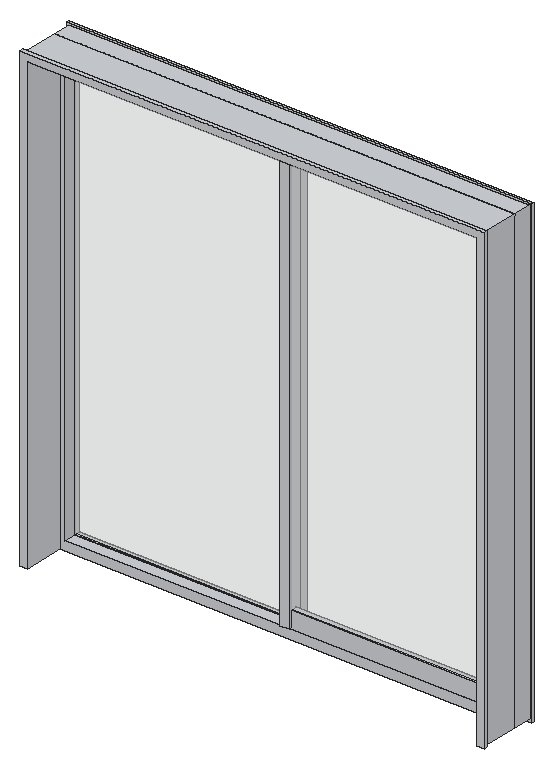
Revit family "APL Residential Thermal Heart Sliding Door SF", category Doors, host Wall, Revit 2017 (continued)
Definition of nested family "APL Residential Thermal Heart Sliding Door SF Horizontal Section"
  Definition of nested family "Jamb Fixed"
    Definition of nested family "65400_Jamb Fixed"
      Lines and regions (mm)
        detail lines, in view "Ref. Level"
          curve 336: arc (81.795, 29.078, 0) -> (81.735, 28.992, 0) -> (81.708, 28.892, 0) r 0.3
          curve 337: arc (81.501, 26.526, 0) -> (81.617, 26.262, 0) -> (81.903, 26.218, 0) r 0.3
          curve 338: arc (83.313, 26.732, 0) -> (83.439, 26.819, 0) -> (83.505, 26.957, 0) r 0.3
          curve 339: arc (83.505, 26.957, 0) -> (83.778, 27.199, 0) -> (84.083, 27, 0) r 0.3
          curve 340: arc (86.7, 27, 0) -> (86.841, 27.059, 0) -> (86.9, 27.2, 0) r 0.2
          curve 341: arc (86.9, 30.3, 0) -> (86.959, 30.441, 0) -> (87.1, 30.5, 0) r 0.2
          curve 342: arc (89.2, 30.5, 0) -> (89.341, 30.441, 0) -> (89.4, 30.3, 0) r 0.2
          curve 343: arc (89.4, 29.2, 0) -> (89.459, 29.059, 0) -> (89.6, 29, 0) r 0.2
          curve 344: arc (101.9, 29, 0) -> (102.042, 29.059, 0) -> (102.1, 29.2, 0) r 0.2
          curve 345: arc (102.1, 30.1, 0) -> (102.159, 30.241, 0) -> (102.3, 30.3, 0) r 0.2
          curve 346: arc (109.1, 30.3, 0) -> (109.454, 30.154, 0) -> (109.6, 29.8, 0) r 0.5
          curve 347: arc (109.6, 28.5, 0) -> (109.541, 28.359, 0) -> (109.4, 28.3, 0) r 0.2
          curve 348: arc (107.3, 28.3, 0) -> (107.159, 28.241, 0) -> (107.1, 28.1, 0) r 0.2
          curve 349: arc (107.1, 27.2, 0) -> (107.159, 27.059, 0) -> (107.3, 27, 0) r 0.2
          curve 350: arc (109.5, 27, 0) -> (109.854, 26.854, 0) -> (110, 26.5, 0) r 0.5
          curve 351: arc (110, 20.2, 0) -> (110.146, 19.846, 0) -> (110.5, 19.7, 0) r 0.5
          curve 352: arc (111.3, 19.7, 0) -> (111.441, 19.759, 0) -> (111.5, 19.9, 0) r 0.2
          curve 353: arc (113.3, 20.7, 0) -> (113.441, 20.641, 0) -> (113.5, 20.5, 0) r 0.2
          curve 354: arc (113.5, 15.6, 0) -> (113.1, 15.2, 0) -> (113.5, 14.8, 0) r 0.4
          curve 355: arc (113.5, 9.9, 0) -> (113.441, 9.759, 0) -> (113.3, 9.7, 0) r 0.2
          curve 356: arc (111.5, 10.3, 0) -> (111.383, 10.583, 0) -> (111.1, 10.7, 0) r 0.4
          curve 357: arc (111, 10.7, 0) -> (110.646, 10.553, 0) -> (110.5, 10.2, 0) r 0.5
          curve 358: arc (110.5, 7.65, 0) -> (111, 7.15, 0) -> (111.5, 7.65, 0) r 0.5
          curve 359: arc (111.5, 8.5, 0) -> (111.559, 8.641, 0) -> (111.7, 8.7, 0) r 0.2
          curve 360: arc (113.3, 8.7, 0) -> (113.441, 8.641, 0) -> (113.5, 8.5, 0) r 0.2
          curve 361: line (113.3, 6.95, 0) -> (113.3, 2.75, 0)
          curve 362: line (113.5, 2.404, 0) -> (113.5, 1.2, 0)
          curve 363: line (113.3, 1, 0) -> (111.701, 1, 0)
          curve 364: line (111.5, 1.2, 0) -> (111.5, 2.05, 0)
          curve 365: line (110.5, 2.05, 0) -> (110.5, 0.5, 0)
          curve 366: line (111, 0, 0) -> (114.5, 0, 0)
          curve 367: line (115, 0.5, 0) -> (115, 21.5, 0)
          curve 368: line (114.5, 22, 0) -> (111.7, 22, 0)
          curve 369: line (111.5, 22.2, 0) -> (111.5, 29.801, 0)
          curve 370: line (109.293, 35.9, 0) -> (109.5, 35.9, 0)
          curve 371: line (111.5, 37.9, 0) -> (111.5, 41.5, 0)
          curve 372: line (111.5, 41.5, 0) -> (120.75, 41.5, 0)
          curve 373: line (120.745, 43, 0) -> (119, 43, 0)
          curve 374: line (119, 43, 0) -> (118.6, 42.6, 0)
          curve 375: line (118.6, 42.6, 0) -> (112.3, 42.6, 0)
          curve 376: line (112.3, 42.6, 0) -> (111.9, 43, 0)
          curve 377: line (111.9, 43, 0) -> (111.5, 43, 0)
          curve 378: line (110, 41.5, 0) -> (110, 38, 0)
          curve 379: line (109.8, 37.8, 0) -> (100.5, 37.8, 0)
          curve 380: line (100, 37.3, 0) -> (100, 36.8, 0)
          curve 381: line (100.5, 36.3, 0) -> (101.927, 36.3, 0)
          curve 382: line (100.048, 30.9, 0) -> (91.556, 30.9, 0)
          curve 383: line (89.2, 32.4, 0) -> (87.9, 32.4, 0)
          curve 384: line (86.9, 33.4, 0) -> (86.9, 42.5, 0)
          curve 385: line (86.4, 43, 0) -> (84.083, 43, 0)
          curve 386: line (83.313, 43.268, 0) -> (81.903, 43.782, 0)
          curve 387: line (81.501, 43.474, 0) -> (81.708, 41.108, 0)
          curve 388: line (81.795, 40.922, 0) -> (82.159, 40.559, 0)
          curve 389: line (82.493, 40.648, 0) -> (82.538, 40.816, 0)
          curve 390: line (82.679, 40.957, 0) -> (84.812, 41.528, 0)
          curve 391: line (85, 40.753, 0) -> (85, 37.525, 0)
          curve 392: line (85, 37.5, 0) -> (85.194, 36.75, 0)
          curve 393: line (85, 36.5, 0) -> (84.479, 36.5, 0)
          curve 394: line (84.323, 36.544, 0) -> (83.069, 37.309, 0)
          curve 395: line (82.5, 37.45, 0) -> (82.5, 35.874, 0)
          curve 396: line (82.5, 34.126, 0) -> (82.5, 32.55, 0)
          curve 397: line (83.069, 32.691, 0) -> (84.323, 33.456, 0)
          curve 398: line (84.479, 33.5, 0) -> (85, 33.5, 0)
          curve 399: line (85.194, 33.25, 0) -> (85, 32.5, 0)
          curve 400: line (85, 32.475, 0) -> (85, 29.248, 0)
          curve 401: line (84.812, 28.472, 0) -> (82.679, 29.043, 0)
          curve 402: line (82.538, 29.184, 0) -> (82.493, 29.352, 0)
          curve 403: line (82.159, 29.441, 0) -> (81.795, 29.078, 0)
          curve 404: line (81.708, 28.892, 0) -> (81.501, 26.526, 0)
          curve 405: line (81.903, 26.218, 0) -> (83.313, 26.732, 0)
          curve 406: line (84.083, 27, 0) -> (86.7, 27, 0)
          curve 407: line (86.9, 27.2, 0) -> (86.9, 30.3, 0)
          curve 408: line (87.1, 30.5, 0) -> (89.2, 30.5, 0)
          curve 409: line (89.4, 30.3, 0) -> (89.4, 29.2, 0)
          curve 410: line (89.6, 29, 0) -> (95.4, 29, 0)
          curve 411: line (95.4, 29, 0) -> (95.8, 29.4, 0)
          curve 412: line (95.8, 29.4, 0) -> (96.2, 29, 0)
          curve 413: line (96.2, 29, 0) -> (101.9, 29, 0)
          curve 414: line (102.1, 29.2, 0) -> (102.1, 30.1, 0)
          curve 415: line (102.3, 30.3, 0) -> (109.1, 30.3, 0)
          curve 416: line (109.6, 29.8, 0) -> (109.6, 28.5, 0)
          curve 417: line (109.4, 28.3, 0) -> (107.3, 28.3, 0)
          curve 418: line (107.1, 28.1, 0) -> (107.1, 27.2, 0)
          curve 419: line (107.3, 27, 0) -> (109.5, 27, 0)
          curve 420: line (110, 26.5, 0) -> (110, 20.2, 0)
          curve 421: line (110.5, 19.7, 0) -> (111.3, 19.7, 0)
          curve 422: line (111.5, 19.9, 0) -> (111.5, 20.7, 0)
          curve 423: line (111.5, 20.7, 0) -> (113.3, 20.7, 0)
          curve 424: line (113.5, 20.5, 0) -> (113.5, 15.6, 0)
          curve 425: line (113.5, 14.8, 0) -> (113.5, 9.9, 0)
          curve 426: line (113.3, 9.7, 0) -> (111.5, 9.7, 0)
          curve 427: line (111.5, 9.7, 0) -> (111.5, 10.3, 0)
          curve 428: line (110.5, 10.2, 0) -> (110.5, 7.65, 0)
          curve 429: line (111.5, 7.65, 0) -> (111.5, 8.5, 0)
          curve 430: line (111.7, 8.7, 0) -> (113.3, 8.7, 0)
          curve 431: line (113.5, 8.5, 0) -> (113.5, 7.296, 0)
          curve 432: arc (113.5, 7.296, 0) -> (113.473, 7.196, 0) -> (113.4, 7.123, 0) r 0.2
          curve 433: arc (12.7, 24.6, 0) -> (12.817, 24.883, 0) -> (13.1, 25, 0) r 0.4
          curve 434: arc (13.393, 25, 0) -> (13.496, 24.986, 0) -> (13.593, 24.946, 0) r 0.4
          curve 435: arc (15.121, 24.062, 0) -> (15.411, 23.941, 0) -> (15.722, 23.9, 0) r 1.2
          curve 436: arc (16.645, 23.9, 0) -> (17.218, 23.719, 0) -> (17.584, 23.242, 0) r 1
          curve 437: arc (18.377, 21.063, 0) -> (18.524, 20.872, 0) -> (18.753, 20.8, 0) r 0.4
          curve 438: arc (21.447, 20.8, 0) -> (21.676, 20.872, 0) -> (21.823, 21.063, 0) r 0.4
          curve 439: arc (22.616, 23.242, 0) -> (22.982, 23.719, 0) -> (23.555, 23.9, 0) r 1
          curve 440: arc (24.478, 23.9, 0) -> (24.789, 23.941, 0) -> (25.079, 24.062, 0) r 1.2
          curve 441: arc (26.607, 24.946, 0) -> (26.704, 24.986, 0) -> (26.807, 25, 0) r 0.4
          curve 442: arc (27.1, 25, 0) -> (27.383, 24.883, 0) -> (27.5, 24.6, 0) r 0.4
          curve 443: arc (27.5, 21.2, 0) -> (27.383, 20.917, 0) -> (27.1, 20.8, 0) r 0.4
          curve 444: arc (26.807, 20.8, 0) -> (26.704, 20.814, 0) -> (26.607, 20.854, 0) r 0.4
          curve 445: arc (25.079, 21.739, 0) -> (24.785, 21.86, 0) -> (24.47, 21.9, 0) r 1.2
          curve 446: arc (24.47, 21.9, 0) -> (24.295, 21.847, 0) -> (24.184, 21.703, 0) r 0.3
          curve 447: arc (23.296, 19.263, 0) -> (23.149, 19.072, 0) -> (22.92, 19, 0) r 0.4
          curve 448: arc (17.28, 19, 0) -> (17.051, 19.072, 0) -> (16.904, 19.263, 0) r 0.4
          curve 449: arc (16.016, 21.703, 0) -> (15.905, 21.847, 0) -> (15.73, 21.9, 0) r 0.3
          curve 450: arc (15.73, 21.9, 0) -> (15.415, 21.86, 0) -> (15.121, 21.739, 0) r 1.2
          curve 451: arc (13.593, 20.854, 0) -> (13.496, 20.814, 0) -> (13.393, 20.8, 0) r 0.4
          curve 452: arc (13.1, 20.8, 0) -> (12.817, 20.917, 0) -> (12.7, 21.2, 0) r 0.4
          curve 453: line (13.1, 25, 0) -> (13.393, 25, 0)
          curve 454: line (13.593, 24.946, 0) -> (15.121, 24.062, 0)
          curve 455: line (15.722, 23.9, 0) -> (16.645, 23.9, 0)
          curve 456: line (17.584, 23.242, 0) -> (18.377, 21.063, 0)
          curve 457: line (18.753, 20.8, 0) -> (21.447, 20.8, 0)
          curve 458: line (21.823, 21.063, 0) -> (22.616, 23.242, 0)
          curve 459: line (23.555, 23.9, 0) -> (24.478, 23.9, 0)
          curve 460: line (25.079, 24.062, 0) -> (26.607, 24.946, 0)
          curve 461: line (26.807, 25, 0) -> (27.1, 25, 0)
          curve 462: line (27.5, 24.6, 0) -> (27.5, 21.2, 0)
          curve 463: line (27.1, 20.8, 0) -> (26.807, 20.8, 0)
          curve 464: line (26.607, 20.854, 0) -> (25.079, 21.739, 0)
          curve 465: line (24.184, 21.703, 0) -> (23.296, 19.263, 0)
          curve 466: line (22.92, 19, 0) -> (17.28, 19, 0)
          curve 467: line (16.904, 19.263, 0) -> (16.016, 21.703, 0)
          curve 468: line (15.121, 21.739, 0) -> (13.593, 20.854, 0)
          curve 469: line (13.393, 20.8, 0) -> (13.1, 20.8, 0)
          curve 470: line (12.7, 21.2, 0) -> (12.7, 24.6, 0)
          curve 471: arc (12.7, 40.8, 0) -> (12.817, 41.083, 0) -> (13.1, 41.2, 0) r 0.4
          curve 472: arc (13.393, 41.2, 0) -> (13.496, 41.186, 0) -> (13.593, 41.146, 0) r 0.4
          curve 473: arc (15.121, 40.262, 0) -> (15.411, 40.141, 0) -> (15.722, 40.1, 0) r 1.2
          curve 474: arc (16.645, 40.1, 0) -> (17.218, 39.919, 0) -> (17.584, 39.442, 0) r 1
          curve 475: arc (18.377, 37.263, 0) -> (18.524, 37.072, 0) -> (18.753, 37, 0) r 0.4
          curve 476: arc (21.447, 37, 0) -> (21.676, 37.072, 0) -> (21.823, 37.263, 0) r 0.4
          curve 477: arc (22.616, 39.442, 0) -> (22.982, 39.919, 0) -> (23.555, 40.1, 0) r 1
          curve 478: arc (24.478, 40.1, 0) -> (24.789, 40.141, 0) -> (25.079, 40.262, 0) r 1.2
          curve 479: arc (26.607, 41.146, 0) -> (26.704, 41.186, 0) -> (26.807, 41.2, 0) r 0.4
          curve 480: arc (27.1, 41.2, 0) -> (27.383, 41.083, 0) -> (27.5, 40.8, 0) r 0.4
          curve 481: arc (27.5, 37.4, 0) -> (27.383, 37.117, 0) -> (27.1, 37, 0) r 0.4
          curve 482: arc (26.807, 37, 0) -> (26.704, 37.014, 0) -> (26.607, 37.054, 0) r 0.4
          curve 483: arc (25.079, 37.939, 0) -> (24.785, 38.06, 0) -> (24.47, 38.1, 0) r 1.2
          curve 484: arc (24.47, 38.1, 0) -> (24.295, 38.047, 0) -> (24.184, 37.903, 0) r 0.3
          curve 485: arc (23.296, 35.463, 0) -> (23.149, 35.272, 0) -> (22.92, 35.2, 0) r 0.4
          curve 486: arc (17.28, 35.2, 0) -> (17.051, 35.272, 0) -> (16.904, 35.463, 0) r 0.4
          curve 487: arc (16.016, 37.903, 0) -> (15.905, 38.047, 0) -> (15.73, 38.1, 0) r 0.3
          curve 488: arc (15.73, 38.1, 0) -> (15.415, 38.06, 0) -> (15.121, 37.939, 0) r 1.2
          curve 489: arc (13.593, 37.054, 0) -> (13.496, 37.014, 0) -> (13.393, 37, 0) r 0.4
          curve 490: arc (13.1, 37, 0) -> (12.817, 37.117, 0) -> (12.7, 37.4, 0) r 0.4
          curve 491: line (13.1, 41.2, 0) -> (13.393, 41.2, 0)
          curve 492: line (13.593, 41.146, 0) -> (15.121, 40.262, 0)
          curve 493: line (15.722, 40.1, 0) -> (16.645, 40.1, 0)
          curve 494: line (17.584, 39.442, 0) -> (18.377, 37.263, 0)
          curve 495: line (18.753, 37, 0) -> (21.447, 37, 0)
          curve 496: line (21.823, 37.263, 0) -> (22.616, 39.442, 0)
          curve 497: line (23.555, 40.1, 0) -> (24.478, 40.1, 0)
          curve 498: line (25.079, 40.262, 0) -> (26.607, 41.146, 0)
          curve 499: line (26.807, 41.2, 0) -> (27.1, 41.2, 0)
          curve 500: line (27.5, 40.8, 0) -> (27.5, 37.4, 0)
          curve 501: line (27.1, 37, 0) -> (26.807, 37, 0)
          curve 502: line (26.607, 37.054, 0) -> (25.079, 37.939, 0)
          curve 503: line (24.184, 37.903, 0) -> (23.296, 35.463, 0)
          curve 504: line (22.92, 35.2, 0) -> (17.28, 35.2, 0)
          curve 505: line (16.904, 35.463, 0) -> (16.016, 37.903, 0)
          curve 506: line (15.121, 37.939, 0) -> (13.593, 37.054, 0)
          curve 507: line (13.393, 37, 0) -> (13.1, 37, 0)
          curve 508: line (12.7, 37.4, 0) -> (12.7, 40.8, 0)
          curve 509: arc (10.8, 36.502, 0) -> (11.356, 35.157, 0) -> (12.7, 34.6, 0) r 1.9
          curve 510: arc (13.1, 34.6, 0) -> (13.241, 34.541, 0) -> (13.3, 34.4, 0) r 0.2
          curve 511: arc (13.3, 27.6, 0) -> (13.241, 27.459, 0) -> (13.1, 27.4, 0) r 0.2
          curve 512: arc (11, 27.4, 0) -> (10.859, 27.341, 0) -> (10.8, 27.2, 0) r 0.2
          curve 513: arc (10.8, 26.717, 0) -> (10.741, 26.575, 0) -> (10.6, 26.517, 0) r 0.2
          curve 514: arc (1.9, 26.517, 0) -> (1.546, 26.663, 0) -> (1.4, 27.017, 0) r 0.5
          curve 515: arc (1.4, 40.755, 0) -> (1.521, 41.369, 0) -> (1.869, 41.889, 0) r 1.6
          curve 516: arc (6.387, 46.407, 0) -> (6.711, 46.624, 0) -> (7.094, 46.7, 0) r 1
          curve 517: arc (9.8, 46.7, 0) -> (10.507, 46.407, 0) -> (10.8, 45.7, 0) r 1
          curve 518: arc (1.665, 19.379, 0) -> (1.729, 19.478, 0) -> (1.725, 19.597, 0) r 0.2
          curve 519: arc (1.725, 19.597, 0) -> (1.621, 19.766, 0) -> (1.453, 19.873, 0) r 0.45
          curve 520: arc (1.453, 19.873, 0) -> (1.357, 19.948, 0) -> (1.322, 20.064, 0) r 0.2
          curve 521: arc (1.379, 24.919, 0) -> (1.438, 25.059, 0) -> (1.579, 25.117, 0) r 0.2
          curve 522: arc (10.6, 25.117, 0) -> (10.741, 25.058, 0) -> (10.8, 24.917, 0) r 0.2
          curve 523: arc (10.8, 20.828, 0) -> (10.773, 20.728, 0) -> (10.7, 20.655, 0) r 0.2
          curve 524: arc (9.6, 20.02, 0) -> (9.38, 19.8, 0) -> (9.3, 19.5, 0) r 0.6
          curve 525: arc (9.3, 19.2, 0) -> (9.359, 19.059, 0) -> (9.5, 19, 0) r 0.2
          curve 526: arc (13.617, 19, 0) -> (13.922, 19.199, 0) -> (14.195, 18.957, 0) r 0.3
          curve 527: arc (14.195, 18.957, 0) -> (14.261, 18.819, 0) -> (14.387, 18.732, 0) r 0.3
          curve 528: arc (15.797, 18.218, 0) -> (16.083, 18.262, 0) -> (16.199, 18.526, 0) r 0.3
          curve 529: arc (15.992, 20.892, 0) -> (15.965, 20.992, 0) -> (15.905, 21.078, 0) r 0.3
          curve 530: arc (15.541, 21.441, 0) -> (15.348, 21.493, 0) -> (15.207, 21.352, 0) r 0.2
          curve 531: arc (15.162, 21.184, 0) -> (15.11, 21.095, 0) -> (15.021, 21.043, 0) r 0.2
          curve 532: arc (12.878, 20.51, 0) -> (12.536, 20.657, 0) -> (12.6, 21.024, 0) r 0.3
          curve 533: arc (12.6, 21.024, 0) -> (12.674, 21.125, 0) -> (12.7, 21.247, 0) r 0.3
          curve 534: arc (12.506, 25.25, 0) -> (12.542, 25.422, 0) -> (12.7, 25.5, 0) r 0.2
          curve 535: arc (13.221, 25.5, 0) -> (13.302, 25.489, 0) -> (13.377, 25.456, 0) r 0.3
          curve 536: arc (14.631, 24.691, 0) -> (14.637, 24.498, 0) -> (14.78, 24.367, 0) r 0.25
          curve 537: arc (14.78, 24.367, 0) -> (15.05, 24.321, 0) -> (15.2, 24.55, 0) r 0.25
          curve 538: arc (15.2, 34.401, 0) -> (15.259, 34.542, 0) -> (15.4, 34.6, 0) r 0.2
          curve 539: arc (16.479, 34.6, 0) -> (16.643, 34.685, 0) -> (16.667, 34.868, 0) r 0.2
          curve 540: arc (15.775, 37.318, 0) -> (15.702, 37.414, 0) -> (15.587, 37.45, 0) r 0.2
          curve 541: arc (15.353, 37.45, 0) -> (15.248, 37.48, 0) -> (15.174, 37.561, 0) r 0.2
          curve 542: arc (15.174, 37.561, 0) -> (14.995, 37.696, 0) -> (14.78, 37.633, 0) r 0.25
          curve 543: arc (14.78, 37.633, 0) -> (14.637, 37.502, 0) -> (14.631, 37.309, 0) r 0.25
          curve 544: arc (13.377, 36.544, 0) -> (13.302, 36.511, 0) -> (13.221, 36.5, 0) r 0.3
          curve 545: arc (12.7, 36.5, 0) -> (12.542, 36.578, 0) -> (12.506, 36.75, 0) r 0.2
          curve 546: arc (12.7, 40.753, 0) -> (12.674, 40.875, 0) -> (12.6, 40.976, 0) r 0.3
          curve 547: arc (12.6, 40.976, 0) -> (12.536, 41.343, 0) -> (12.878, 41.49, 0) r 0.3
          curve 548: arc (15.021, 40.957, 0) -> (15.11, 40.905, 0) -> (15.162, 40.816, 0) r 0.2
          curve 549: arc (15.207, 40.648, 0) -> (15.348, 40.507, 0) -> (15.541, 40.559, 0) r 0.2
          curve 550: arc (15.905, 40.922, 0) -> (15.965, 41.008, 0) -> (15.992, 41.108, 0) r 0.3
          curve 551: arc (16.199, 43.474, 0) -> (16.083, 43.738, 0) -> (15.797, 43.782, 0) r 0.3
          curve 552: arc (14.387, 43.268, 0) -> (14.261, 43.181, 0) -> (14.195, 43.043, 0) r 0.3
          curve 553: arc (14.195, 43.043, 0) -> (13.922, 42.801, 0) -> (13.617, 43, 0) r 0.3
          curve 554: arc (12.6, 43, 0) -> (12.459, 43.059, 0) -> (12.4, 43.2, 0) r 0.2
          curve 555: arc (12.4, 45.696, 0) -> (11.64, 47.537, 0) -> (9.8, 48.3, 0) r 2.6
          curve 556: arc (7.9, 48.3, 0) -> (7.547, 48.446, 0) -> (7.4, 48.8, 0) r 0.5
          curve 557: arc (7.4, 56.402, 0) -> (7.508, 56.581, 0) -> (7.716, 56.566, 0) r 0.2
          curve 558: arc (7.716, 56.566, 0) -> (8.721, 56.692, 0) -> (8.684, 57.705, 0) r 0.75
          curve 559: arc (8.684, 57.705, 0) -> (8.15, 59.005, 0) -> (8.684, 60.305, 0) r 1.85
          curve 560: arc (8.684, 60.305, 0) -> (8.794, 60.447, 0) -> (8.867, 60.612, 0) r 0.75
          curve 561: arc (8.867, 60.612, 0) -> (8.97, 60.796, 0) -> (9.14, 60.921, 0) r 0.5
          curve 562: arc (9.14, 60.921, 0) -> (10, 61.105, 0) -> (10.86, 60.921, 0) r 2.1
          curve 563: arc (10.86, 60.921, 0) -> (11.03, 60.796, 0) -> (11.133, 60.612, 0) r 0.5
          curve 564: arc (11.133, 60.612, 0) -> (11.206, 60.447, 0) -> (11.316, 60.305, 0) r 0.75
          curve 565: arc (11.316, 60.305, 0) -> (11.85, 59.005, 0) -> (11.316, 57.705, 0) r 1.85
          curve 566: arc (11.316, 57.705, 0) -> (11.323, 56.644, 0) -> (12.384, 56.651, 0) r 0.75
          curve 567: arc (12.384, 56.651, 0) -> (13.348, 58.881, 0) -> (12.551, 61.176, 0) r 3.35
          curve 568: arc (12.551, 61.176, 0) -> (12.478, 61.71, 0) -> (12.932, 62, 0) r 0.5
          curve 569: arc (13.15, 62, 0) -> (13.291, 62.059, 0) -> (13.35, 62.2, 0) r 0.2
          curve 570: arc (13.35, 62.5, 0) -> (13.204, 62.854, 0) -> (12.85, 63, 0) r 0.5
          curve 571: arc (7, 63, 0) -> (6.293, 62.707, 0) -> (6, 62, 0) r 1
          curve 572: arc (6, 49.243, 0) -> (5.772, 48.095, 0) -> (5.121, 47.121, 0) r 3
          curve 573: arc (0.879, 42.879, 0) -> (0.228, 41.905, 0) -> (0, 40.757, 0) r 3
          curve 574: arc (0, 19.2, 0) -> (0.059, 19.059, 0) -> (0.2, 19, 0) r 0.2
          curve 575: line (10.8, 45.7, 0) -> (10.8, 36.502, 0)
          curve 576: line (12.7, 34.6, 0) -> (13.1, 34.6, 0)
          curve 577: line (13.3, 34.4, 0) -> (13.3, 27.6, 0)
          curve 578: line (13.1, 27.4, 0) -> (11, 27.4, 0)
          curve 579: line (10.8, 27.2, 0) -> (10.8, 26.717, 0)
          curve 580: line (10.6, 26.517, 0) -> (1.9, 26.517, 0)
          curve 581: line (1.4, 27.017, 0) -> (1.4, 40.755, 0)
          curve 582: line (1.869, 41.889, 0) -> (6.387, 46.407, 0)
          curve 583: line (7.094, 46.7, 0) -> (9.8, 46.7, 0)
          curve 584: line (1.322, 20.064, 0) -> (1.379, 24.919, 0)
          curve 585: line (1.579, 25.117, 0) -> (10.6, 25.117, 0)
          curve 586: line (10.8, 24.917, 0) -> (10.8, 20.828, 0)
          curve 587: line (10.7, 20.655, 0) -> (9.6, 20.02, 0)
          curve 588: line (9.3, 19.5, 0) -> (9.3, 19.2, 0)
          curve 589: line (9.5, 19, 0) -> (13.617, 19, 0)
          curve 590: line (14.387, 18.732, 0) -> (15.797, 18.218, 0)
          curve 591: line (16.199, 18.526, 0) -> (15.992, 20.892, 0)
          curve 592: line (15.905, 21.078, 0) -> (15.541, 21.441, 0)
          curve 593: line (15.207, 21.352, 0) -> (15.162, 21.184, 0)
          curve 594: line (15.021, 21.043, 0) -> (12.888, 20.472, 0)
          curve 595: line (12.7, 21.247, 0) -> (12.7, 24.475, 0)
          curve 596: line (12.7, 24.5, 0) -> (12.506, 25.25, 0)
          curve 597: line (12.7, 25.5, 0) -> (13.221, 25.5, 0)
          curve 598: line (13.377, 25.456, 0) -> (14.631, 24.691, 0)
          curve 599: line (15.2, 24.55, 0) -> (15.2, 26.126, 0)
          curve 600: line (15.2, 26.126, 0) -> (15.2, 34.401, 0)
          curve 601: line (15.4, 34.6, 0) -> (16.479, 34.6, 0)
          curve 602: line (16.667, 34.868, 0) -> (15.775, 37.318, 0)
          curve 603: line (15.587, 37.45, 0) -> (15.353, 37.45, 0)
          curve 604: line (14.631, 37.309, 0) -> (13.377, 36.544, 0)
          curve 605: line (13.221, 36.5, 0) -> (12.7, 36.5, 0)
          curve 606: line (12.506, 36.75, 0) -> (12.7, 37.5, 0)
          curve 607: line (12.7, 37.525, 0) -> (12.7, 40.753, 0)
          curve 608: line (12.888, 41.528, 0) -> (15.021, 40.957, 0)
          curve 609: line (15.162, 40.816, 0) -> (15.207, 40.648, 0)
          curve 610: line (15.541, 40.559, 0) -> (15.905, 40.922, 0)
          curve 611: line (15.992, 41.108, 0) -> (16.199, 43.474, 0)
          curve 612: line (15.797, 43.782, 0) -> (14.387, 43.268, 0)
          curve 613: line (13.617, 43, 0) -> (12.6, 43, 0)
          curve 614: line (12.4, 43.2, 0) -> (12.4, 45.696, 0)
          curve 615: line (9.8, 48.3, 0) -> (7.9, 48.3, 0)
          curve 616: line (7.4, 48.8, 0) -> (7.4, 56.402, 0)
          curve 617: line (12.932, 62, 0) -> (13.15, 62, 0)
          curve 618: line (13.35, 62.2, 0) -> (13.35, 62.5, 0)
          curve 619: line (12.85, 63, 0) -> (7, 63, 0)
          curve 620: line (6, 62, 0) -> (6, 49.243, 0)
          curve 621: line (5.121, 47.121, 0) -> (0.879, 42.879, 0)
          curve 622: line (0, 40.757, 0) -> (0, 19.2, 0)
          curve 623: line (0.2, 19, 0) -> (1.214, 19, 0)
          curve 624: line (1.214, 19, 0) -> (1.665, 19.379, 0)
      Text (mm)
        text "65400" at (42.552, 67.011, 0), in view "Ref. Level"
    Definition of nested family "65585_Infill"
      Reference planes
        plane 1 "Center (Front/Back)": y = 0
        plane 2: z = 0
        plane 3 "Center (Left/Right)": x = 0
      Lines and regions (mm)
        model lines, in view "Ref. Level"
          curve 1: arc (0.752, -3.072, 0) -> (0.936, -2.765, 0) -> (1, -2.413, 0) r 1
          curve 2: arc (1, -2, 0) -> (1.146, -1.646, 0) -> (1.5, -1.5, 0) r 0.5
          curve 3: arc (36.55, -1.5, 0) -> (36.904, -1.646, 0) -> (37.05, -2, 0) r 0.5
          curve 4: arc (37.05, -2.542, 0) -> (37.582, -3.901, 0) -> (38.896, -4.536, 0) r 2
          curve 5: arc (38.896, -4.536, 0) -> (39.7, -4.528, 0) -> (40.49, -4.38, 0) r 4.6
          curve 6: arc (40.49, -4.38, 0) -> (40.927, -4.463, 0) -> (41.125, -4.861, 0) r 0.5
          curve 7: arc (41.125, -5.356, 0) -> (41.077, -5.571, 0) -> (40.941, -5.744, 0) r 0.5
          curve 8: arc (40.941, -5.744, 0) -> (40.536, -5.965, 0) -> (40.078, -6.026, 0) r 1.261
          curve 9: arc (40.078, -6.026, 0) -> (38.967, -6.436, 0) -> (38.5, -7.524, 0) r 1.5
          curve 10: arc (38.5, -11, 0) -> (38.793, -11.707, 0) -> (39.5, -12, 0) r 1
          curve 11: arc (41.5, -12, 0) -> (42, -11.5, 0) -> (41.5, -11, 0) r 0.5
          curve 12: arc (39.5, -7.524, 0) -> (39.656, -7.161, 0) -> (40.026, -7.024, 0) r 0.5
          curve 13: arc (40.026, -7.024, 0) -> (41.175, -6.779, 0) -> (42.045, -5.99, 0) r 2.261
          curve 14: arc (42.045, -5.99, 0) -> (42.105, -5.861, 0) -> (42.125, -5.72, 0) r 0.5
          curve 15: arc (42.125, -3.292, 0) -> (41.854, -2.848, 0) -> (41.335, -2.884, 0) r 0.5
          curve 16: arc (41.335, -2.884, 0) -> (40.212, -3.419, 0) -> (38.973, -3.539, 0) r 3.6
          curve 17: arc (38.973, -3.539, 0) -> (38.316, -3.222, 0) -> (38.05, -2.542, 0) r 1
          curve 18: arc (38.05, -2.011, 0) -> (38.088, -1.819, 0) -> (38.196, -1.657, 0) r 0.5
          curve 19: arc (39.427, -0.427, 0) -> (39.481, -0.154, 0) -> (39.25, 0, 0) r 0.25
          curve 20: arc (0.5, 0, 0) -> (0.146, -0.146, 0) -> (0, -0.5, 0) r 0.5
          curve 21: line (1, -2.413, 0) -> (1, -2, 0)
          curve 22: line (1.5, -1.5, 0) -> (36.55, -1.5, 0)
          curve 23: line (37.05, -2, 0) -> (37.05, -2.542, 0)
          curve 24: line (41.125, -4.861, 0) -> (41.125, -5.356, 0)
          curve 25: line (38.5, -7.524, 0) -> (38.5, -11, 0)
          curve 26: line (39.5, -12, 0) -> (41.5, -12, 0)
          curve 27: line (41.5, -11, 0) -> (39.5, -11, 0)
          curve 28: line (39.5, -11, 0) -> (39.5, -7.524, 0)
          curve 29: line (42.125, -5.72, 0) -> (42.125, -3.292, 0)
          curve 30: line (38.05, -2.542, 0) -> (38.05, -2.011, 0)
          curve 31: line (38.196, -1.657, 0) -> (39.427, -0.427, 0)
          curve 32: line (39.25, 0, 0) -> (0.5, 0, 0)
          curve 33: line (0, -0.5, 0) -> (0, -2.413, 0)
          curve 34: arc (0, -2.413, 0) -> (-0.837, -6.153, 0) -> (1.856, -8.881, 0) r 4
          curve 35: arc (1.856, -8.881, 0) -> (2.479, -8.546, 0) -> (2.144, -7.923, 0) r 0.5
          curve 36: arc (2.144, -7.923, 0) -> (0.124, -5.878, 0) -> (0.752, -3.072, 0) r 3
      Text (mm)
        text "65585" at (9.33, 14.342, 0), in view "Ref. Level"
  Definition of nested family "Jamb Stile"
    Reference planes
      plane 1 "Center (Front/Back)": y = 0
      plane 2: z = 0
      plane 3 "Center (Left/Right)": x = 0
    Dimensions and locks
      locked: nested 3 to nested 1 at 18
      locked: nested 1 to nested 3 at 6.6
    Nested families
      nested 1: "65400_Frame Head" at (0, 0, 0) x (0, 1, 0) z (0, 0, 1), type "65400_Frame Head", in view "Ref. Level"
      nested 2: "65575_Threshold" at (-24, 0, 0) x (0, 1, 0) z (0, 0, 1), type "65575_Threshold", in view "Ref. Level"
      nested 3: "65520_Lock Stile" at (-32, 108.4, 0) x (-1, 0, 0) z (0, 0, 1), type "65520_Lock Stile", in view "Ref. Level"
    Definition of nested family "65400_Frame Head"
      Reference planes
        plane 1 "Center (Front/Back)": y = 0
        plane 2: z = 0
        plane 3 "Center (Left/Right)": x = 0
      Lines and regions (mm)
        detail lines, in view "Ref. Level"
          curve 1: arc (46.1, -24.2, 0) -> (45.602, -22.998, 0) -> (44.4, -22.5, 0) r 1.7
          curve 2: arc (29.9, -22.5, 0) -> (29.546, -22.354, 0) -> (29.4, -22, 0) r 0.5
          curve 3: arc (29.4, -8.901, 0) -> (29.546, -8.547, 0) -> (29.9, -8.4, 0) r 0.5
          curve 4: arc (36.605, -8.4, 0) -> (37.013, -8.479, 0) -> (37.363, -8.704, 0) r 1.1
          curve 5: arc (37.363, -8.704, 0) -> (38.199, -9.316, 0) -> (39.189, -9.621, 0) r 3.126
          curve 6: arc (62.286, -10.8, 0) -> (62.738, -11.119, 0) -> (63.285, -11.042, 0) r 0.75
          curve 7: arc (63.285, -11.042, 0) -> (64.2, -10.8, 0) -> (65.115, -11.042, 0) r 1.85
          curve 8: arc (65.115, -11.042, 0) -> (65.281, -11.112, 0) -> (65.459, -11.14, 0) r 0.75
          curve 9: arc (65.459, -11.14, 0) -> (65.663, -11.192, 0) -> (65.828, -11.324, 0) r 0.5
          curve 10: arc (65.828, -11.324, 0) -> (66.3, -12.65, 0) -> (65.828, -13.976, 0) r 2.1
          curve 11: arc (65.828, -13.976, 0) -> (65.663, -14.108, 0) -> (65.459, -14.16, 0) r 0.5
          curve 12: arc (65.459, -14.16, 0) -> (65.281, -14.188, 0) -> (65.115, -14.258, 0) r 0.75
          curve 13: arc (65.115, -14.258, 0) -> (63.721, -14.437, 0) -> (62.604, -13.585, 0) r 1.85
          curve 14: arc (62.604, -13.585, 0) -> (61.577, -13.317, 0) -> (61.309, -14.343, 0) r 0.75
          curve 15: arc (61.309, -14.343, 0) -> (62.349, -15.442, 0) -> (63.765, -15.972, 0) r 3.35
          curve 16: arc (63.765, -15.972, 0) -> (64.076, -16.138, 0) -> (64.2, -16.467, 0) r 0.5
          curve 17: arc (64.2, -25.517, 0) -> (64.489, -27.435, 0) -> (65.33, -29.182, 0) r 6.5
          curve 18: arc (65.33, -29.182, 0) -> (65.978, -30.526, 0) -> (66.2, -32, 0) r 5
          curve 19: arc (66.2, -41.1, 0) -> (66.054, -41.454, 0) -> (65.7, -41.6, 0) r 0.5
          curve 20: arc (47, -41.6, 0) -> (46.646, -41.454, 0) -> (46.5, -41.1, 0) r 0.5
          curve 21: arc (46.5, -36.5, 0) -> (46.396, -35.952, 0) -> (46.1, -35.48, 0) r 1.5
          curve 22: arc (24.183, -8.227, 0) -> (24.053, -8.162, 0) -> (24, -8.027, 0) r 0.2
          curve 23: arc (24.399, -5.679, 0) -> (24.668, -5.392, 0) -> (25.06, -5.387, 0) r 0.5
          curve 24: arc (25.06, -5.387, 0) -> (25.236, -5.3, 0) -> (25.42, -5.367, 0) r 0.25
          curve 25: arc (25.42, -5.367, 0) -> (25.563, -5.498, 0) -> (25.569, -5.691, 0) r 0.25
          curve 26: arc (26.823, -6.456, 0) -> (26.898, -6.489, 0) -> (26.979, -6.5, 0) r 0.3
          curve 27: arc (27.5, -6.5, 0) -> (27.658, -6.422, 0) -> (27.694, -6.25, 0) r 0.2
          curve 28: arc (27.5, -2.247, 0) -> (27.526, -2.125, 0) -> (27.6, -2.024, 0) r 0.3
          curve 29: arc (27.6, -2.024, 0) -> (27.664, -1.657, 0) -> (27.322, -1.51, 0) r 0.3
          curve 30: arc (25.179, -2.043, 0) -> (25.09, -2.095, 0) -> (25.038, -2.184, 0) r 0.2
          curve 31: arc (24.993, -2.352, 0) -> (24.852, -2.493, 0) -> (24.659, -2.441, 0) r 0.2
          curve 32: arc (24.295, -2.078, 0) -> (24.235, -1.992, 0) -> (24.208, -1.892, 0) r 0.3
          curve 33: arc (24.001, 0.474, 0) -> (24.117, 0.738, 0) -> (24.403, 0.782, 0) r 0.3
          curve 34: arc (25.813, 0.268, 0) -> (25.939, 0.181, 0) -> (26.005, 0.043, 0) r 0.3
          curve 35: arc (26.005, 0.043, 0) -> (26.278, -0.199, 0) -> (26.583, 0, 0) r 0.3
          curve 36: arc (28.9, 0, 0) -> (29.254, -0.146, 0) -> (29.4, -0.5, 0) r 0.5
          curve 37: arc (29.4, -6.1, 0) -> (29.546, -6.454, 0) -> (29.9, -6.6, 0) r 0.499
          curve 38: arc (37.767, -6.6, 0) -> (38.931, -6.835, 0) -> (39.913, -7.503, 0) r 2.996
          curve 39: arc (39.913, -7.503, 0) -> (40.232, -7.73, 0) -> (40.611, -7.831, 0) r 1.1
          curve 40: arc (68.1, -8.9, 0) -> (68.241, -8.841, 0) -> (68.3, -8.7, 0) r 0.2
          curve 41: arc (68.3, -0.5, 0) -> (68.446, -0.146, 0) -> (68.8, 0, 0) r 0.5
          curve 42: arc (71.117, 0, 0) -> (71.422, -0.199, 0) -> (71.695, 0.043, 0) r 0.3
          curve 43: arc (71.695, 0.043, 0) -> (71.761, 0.181, 0) -> (71.887, 0.268, 0) r 0.3
          curve 44: arc (73.297, 0.782, 0) -> (73.583, 0.738, 0) -> (73.699, 0.474, 0) r 0.3
          curve 45: arc (73.492, -1.892, 0) -> (73.465, -1.992, 0) -> (73.405, -2.078, 0) r 0.3
          curve 46: arc (73.041, -2.441, 0) -> (72.848, -2.493, 0) -> (72.707, -2.352, 0) r 0.2
          curve 47: arc (72.662, -2.184, 0) -> (72.61, -2.095, 0) -> (72.521, -2.043, 0) r 0.2
          curve 48: arc (70.378, -1.51, 0) -> (70.036, -1.657, 0) -> (70.1, -2.024, 0) r 0.3
          curve 49: arc (70.1, -2.024, 0) -> (70.174, -2.125, 0) -> (70.2, -2.247, 0) r 0.3
          curve 50: arc (70.006, -6.25, 0) -> (70.042, -6.422, 0) -> (70.2, -6.5, 0) r 0.2
          curve 51: arc (70.721, -6.5, 0) -> (70.802, -6.489, 0) -> (70.877, -6.456, 0) r 0.3
          curve 52: arc (72.131, -5.691, 0) -> (72.137, -5.498, 0) -> (72.28, -5.367, 0) r 0.25
          curve 53: arc (72.28, -5.367, 0) -> (72.55, -5.321, 0) -> (72.7, -5.55, 0) r 0.25
          curve 54: arc (72.7, -7.124, 0) -> (72.618, -7.522, 0) -> (72.385, -7.854, 0) r 1
          curve 55: arc (72.385, -7.854, 0) -> (72.322, -8, 0) -> (72.385, -8.146, 0) r 0.2
          curve 56: arc (72.385, -8.146, 0) -> (72.618, -8.477, 0) -> (72.7, -8.874, 0) r 1
          curve 57: arc (72.7, -10.449, 0) -> (72.573, -10.668, 0) -> (72.32, -10.663, 0) r 0.25
          curve 58: arc (72.234, -10.611, 0) -> (72.128, -10.479, 0) -> (72.131, -10.309, 0) r 0.25
          curve 59: arc (70.877, -9.544, 0) -> (70.802, -9.511, 0) -> (70.721, -9.5, 0) r 0.3
          curve 60: arc (70.2, -9.5, 0) -> (70.042, -9.578, 0) -> (70.006, -9.75, 0) r 0.2
          curve 61: arc (70.2, -13.753, 0) -> (70.174, -13.876, 0) -> (70.1, -13.976, 0) r 0.3
          curve 62: arc (70.1, -13.976, 0) -> (70.02, -14.307, 0) -> (70.3, -14.5, 0) r 0.3
          curve 63: arc (72.521, -13.957, 0) -> (72.61, -13.905, 0) -> (72.662, -13.816, 0) r 0.2
          curve 64: arc (72.707, -13.648, 0) -> (72.848, -13.507, 0) -> (73.041, -13.559, 0) r 0.2
          curve 65: arc (73.405, -13.922, 0) -> (73.465, -14.008, 0) -> (73.492, -14.108, 0) r 0.3
          curve 66: arc (73.699, -16.474, 0) -> (73.583, -16.738, 0) -> (73.297, -16.782, 0) r 0.3
          curve 67: arc (71.887, -16.268, 0) -> (71.761, -16.181, 0) -> (71.695, -16.043, 0) r 0.3
          curve 68: arc (71.695, -16.043, 0) -> (71.422, -15.801, 0) -> (71.117, -16, 0) r 0.3
          curve 69: arc (66.201, -16, 0) -> (65.847, -16.146, 0) -> (65.7, -16.5, 0) r 0.5
          curve 70: arc (65.7, -25.519, 0) -> (65.922, -26.994, 0) -> (66.57, -28.337, 0) r 5
          curve 71: arc (66.57, -28.337, 0) -> (67.411, -30.083, 0) -> (67.7, -32, 0) r 6.5
          curve 72: arc (67.7, -33.1, 0) -> (67.759, -33.241, 0) -> (67.9, -33.3, 0) r 0.2
          curve 73: arc (69.3, -33.3, 0) -> (69.441, -33.241, 0) -> (69.5, -33.1, 0) r 0.2
          curve 74: arc (69.5, -32.8, 0) -> (70, -32.299, 0) -> (70.5, -32.8, 0) r 0.5
          curve 75: arc (70.5, -35.351, 0) -> (69.999, -35.85, 0) -> (69.5, -35.35, 0) r 0.5
          curve 76: arc (69.5, -34.5, 0) -> (69.441, -34.359, 0) -> (69.3, -34.3, 0) r 0.2
          curve 77: arc (67.9, -34.3, 0) -> (67.759, -34.359, 0) -> (67.7, -34.5, 0) r 0.2
          curve 78: arc (67.7, -41.8, 0) -> (67.759, -41.941, 0) -> (67.9, -42, 0) r 0.2
          curve 79: arc (69.3, -42, 0) -> (69.441, -41.941, 0) -> (69.5, -41.8, 0) r 0.2
          curve 80: arc (69.5, -40.95, 0) -> (70, -40.449, 0) -> (70.5, -40.95, 0) r 0.5
          curve 81: arc (70.5, -42.499, 0) -> (70.354, -42.853, 0) -> (70, -43, 0) r 0.5
          curve 82: arc (42.7, -43, 0) -> (42.559, -42.941, 0) -> (42.5, -42.8, 0) r 0.2
          curve 83: arc (42.5, -41.25, 0) -> (43, -40.749, 0) -> (43.5, -41.25, 0) r 0.5
          curve 84: arc (43.5, -41.8, 0) -> (43.559, -41.941, 0) -> (43.7, -42, 0) r 0.2
          curve 85: arc (44.8, -42, 0) -> (44.941, -41.941, 0) -> (45, -41.8, 0) r 0.2
          curve 86: arc (45, -36.7, 0) -> (44.941, -36.559, 0) -> (44.8, -36.5, 0) r 0.2
          curve 87: arc (43.7, -36.5, 0) -> (43.559, -36.559, 0) -> (43.5, -36.7, 0) r 0.2
          curve 88: arc (43.5, -37.25, 0) -> (43, -37.749, 0) -> (42.5, -37.25, 0) r 0.5
          curve 89: arc (42.5, -36.5, 0) -> (42.793, -35.793, 0) -> (43.5, -35.5, 0) r 1
          curve 90: arc (44.395, -35.5, 0) -> (44.539, -35.443, 0) -> (44.6, -35.3, 0) r 0.202
          curve 91: arc (44.6, -24.2, 0) -> (44.538, -24.058, 0) -> (44.395, -24, 0) r 0.205
          curve 92: arc (26.583, -24, 0) -> (26.278, -23.801, 0) -> (26.005, -24.043, 0) r 0.3
          curve 93: arc (26.005, -24.043, 0) -> (25.939, -24.181, 0) -> (25.813, -24.268, 0) r 0.3
          curve 94: arc (24.403, -24.782, 0) -> (24.117, -24.738, 0) -> (24.001, -24.474, 0) r 0.3
          curve 95: arc (24.208, -22.108, 0) -> (24.235, -22.008, 0) -> (24.295, -21.922, 0) r 0.3
          curve 96: arc (24.659, -21.559, 0) -> (24.852, -21.507, 0) -> (24.993, -21.648, 0) r 0.2
          curve 97: arc (25.038, -21.816, 0) -> (25.09, -21.905, 0) -> (25.179, -21.957, 0) r 0.2
          curve 98: arc (27.322, -22.49, 0) -> (27.664, -22.343, 0) -> (27.6, -21.976, 0) r 0.3
          curve 99: arc (27.6, -21.976, 0) -> (27.526, -21.875, 0) -> (27.5, -21.753, 0) r 0.3
          curve 100: arc (27.694, -17.75, 0) -> (27.658, -17.578, 0) -> (27.5, -17.5, 0) r 0.2
          curve 101: arc (26.979, -17.5, 0) -> (26.898, -17.511, 0) -> (26.823, -17.544, 0) r 0.3
          curve 102: arc (25.569, -18.309, 0) -> (25.563, -18.502, 0) -> (25.42, -18.633, 0) r 0.25
          curve 103: arc (25.42, -18.633, 0) -> (25.15, -18.679, 0) -> (25, -18.45, 0) r 0.25
          curve 104: arc (25, -16.874, 0) -> (25.128, -16.385, 0) -> (25.479, -16.021, 0) r 1
          curve 105: line (46.1, -35.48, 0) -> (46.1, -24.2, 0)
          curve 106: line (44.4, -22.5, 0) -> (29.9, -22.5, 0)
          curve 107: line (29.4, -22, 0) -> (29.4, -8.901, 0)
          curve 108: line (29.9, -8.4, 0) -> (36.605, -8.4, 0)
          curve 109: line (39.189, -9.621, 0) -> (53.629, -10.8, 0)
          curve 110: line (53.629, -10.8, 0) -> (62.286, -10.8, 0)
          curve 111: line (64.2, -16.467, 0) -> (64.2, -25.517, 0)
          curve 112: line (66.2, -32, 0) -> (66.2, -41.1, 0)
          curve 113: line (65.7, -41.6, 0) -> (47, -41.6, 0)
          curve 114: line (46.5, -41.1, 0) -> (46.5, -36.5, 0)
          curve 115: line (27.317, -8.501, 0) -> (24.183, -8.227, 0)
          curve 116: line (24, -8.027, 0) -> (24, -6.776, 0)
          curve 117: line (24, -6.776, 0) -> (24.399, -5.679, 0)
          curve 118: line (25.569, -5.691, 0) -> (26.823, -6.456, 0)
          curve 119: line (26.979, -6.5, 0) -> (27.5, -6.5, 0)
          curve 120: line (27.694, -6.25, 0) -> (27.5, -5.5, 0)
          curve 121: line (27.5, -5.475, 0) -> (27.5, -2.247, 0)
          curve 122: line (27.312, -1.472, 0) -> (25.179, -2.043, 0)
          curve 123: line (25.038, -2.184, 0) -> (24.993, -2.352, 0)
          curve 124: line (24.659, -2.441, 0) -> (24.295, -2.078, 0)
          curve 125: line (24.208, -1.892, 0) -> (24.001, 0.474, 0)
          curve 126: line (24.403, 0.782, 0) -> (25.813, 0.268, 0)
          curve 127: line (26.583, 0, 0) -> (28.9, 0, 0)
          curve 128: line (29.4, -0.5, 0) -> (29.4, -6.1, 0)
          curve 129: line (29.9, -6.6, 0) -> (33.5, -6.6, 0)
          curve 130: line (33.5, -6.6, 0) -> (33.9, -7, 0)
          curve 131: line (33.9, -7, 0) -> (34.3, -6.6, 0)
          curve 132: line (34.3, -6.6, 0) -> (37.767, -6.6, 0)
          curve 133: line (40.611, -7.831, 0) -> (53.707, -8.9, 0)
          curve 134: line (53.707, -8.9, 0) -> (58.307, -8.9, 0)
          curve 135: line (58.307, -8.9, 0) -> (58.707, -9.3, 0)
          curve 136: line (58.707, -9.3, 0) -> (59.107, -8.9, 0)
          curve 137: line (59.107, -8.9, 0) -> (68.1, -8.9, 0)
          curve 138: line (68.3, -8.7, 0) -> (68.3, -0.5, 0)
          curve 139: line (68.8, 0, 0) -> (71.117, 0, 0)
          curve 140: line (71.887, 0.268, 0) -> (73.297, 0.782, 0)
          curve 141: line (73.699, 0.474, 0) -> (73.492, -1.892, 0)
          curve 142: line (73.405, -2.078, 0) -> (73.041, -2.441, 0)
          curve 143: line (72.707, -2.352, 0) -> (72.662, -2.184, 0)
          curve 144: line (72.521, -2.043, 0) -> (70.388, -1.472, 0)
          curve 145: line (70.2, -2.247, 0) -> (70.2, -5.475, 0)
          curve 146: line (70.2, -5.5, 0) -> (70.006, -6.25, 0)
          curve 147: line (70.2, -6.5, 0) -> (70.721, -6.5, 0)
          curve 148: line (70.877, -6.456, 0) -> (72.131, -5.691, 0)
          curve 149: line (72.7, -5.55, 0) -> (72.7, -7.124, 0)
          curve 150: line (72.7, -8.874, 0) -> (72.7, -10.449, 0)
          curve 151: line (72.131, -10.309, 0) -> (70.877, -9.544, 0)
          curve 152: line (70.721, -9.5, 0) -> (70.2, -9.5, 0)
          curve 153: line (70.006, -9.75, 0) -> (70.2, -10.5, 0)
          curve 154: line (70.2, -10.525, 0) -> (70.2, -13.753, 0)
          curve 155: line (70.532, -14.49, 0) -> (72.521, -13.957, 0)
          curve 156: line (72.662, -13.816, 0) -> (72.707, -13.648, 0)
          curve 157: line (73.041, -13.559, 0) -> (73.405, -13.922, 0)
          curve 158: line (73.492, -14.108, 0) -> (73.699, -16.474, 0)
          curve 159: line (73.297, -16.782, 0) -> (71.887, -16.268, 0)
          curve 160: line (71.117, -16, 0) -> (66.201, -16, 0)
          curve 161: line (65.7, -16.5, 0) -> (65.7, -25.519, 0)
          curve 162: line (67.7, -32, 0) -> (67.7, -33.1, 0)
          curve 163: line (67.9, -33.3, 0) -> (69.3, -33.3, 0)
          curve 164: line (69.5, -33.1, 0) -> (69.5, -32.8, 0)
          curve 165: line (70.5, -32.8, 0) -> (70.5, -35.351, 0)
          curve 166: line (69.5, -35.35, 0) -> (69.5, -34.5, 0)
          curve 167: line (69.3, -34.3, 0) -> (67.9, -34.3, 0)
          curve 168: line (67.7, -34.5, 0) -> (67.7, -41.8, 0)
          curve 169: line (67.9, -42, 0) -> (69.3, -42, 0)
          curve 170: line (69.5, -41.8, 0) -> (69.5, -40.95, 0)
          curve 171: line (70.5, -40.95, 0) -> (70.5, -42.499, 0)
          curve 172: line (70, -43, 0) -> (42.7, -43, 0)
          curve 173: line (42.5, -42.8, 0) -> (42.5, -41.25, 0)
          curve 174: line (43.5, -41.25, 0) -> (43.5, -41.8, 0)
          curve 175: line (43.7, -42, 0) -> (44.8, -42, 0)
          curve 176: line (45, -41.8, 0) -> (45, -36.7, 0)
          curve 177: line (44.8, -36.5, 0) -> (43.7, -36.5, 0)
          curve 178: line (43.5, -36.7, 0) -> (43.5, -37.25, 0)
          curve 179: line (42.5, -37.25, 0) -> (42.5, -36.5, 0)
          curve 180: line (43.5, -35.5, 0) -> (44.395, -35.5, 0)
          curve 181: line (44.6, -35.3, 0) -> (44.6, -24.2, 0)
          curve 182: line (44.395, -24, 0) -> (34.3, -24, 0)
          curve 183: line (34.3, -24, 0) -> (33.9, -23.6, 0)
          curve 184: line (33.9, -23.6, 0) -> (33.5, -24, 0)
          curve 185: line (33.5, -24, 0) -> (26.583, -24, 0)
          curve 186: line (25.813, -24.268, 0) -> (24.403, -24.782, 0)
          curve 187: line (24.001, -24.474, 0) -> (24.208, -22.108, 0)
          curve 188: line (24.295, -21.922, 0) -> (24.659, -21.559, 0)
          curve 189: line (24.993, -21.648, 0) -> (25.038, -21.816, 0)
          curve 190: line (25.179, -21.957, 0) -> (27.312, -22.528, 0)
          curve 191: line (27.5, -21.753, 0) -> (27.5, -18.525, 0)
          curve 192: line (27.5, -18.5, 0) -> (27.694, -17.75, 0)
          curve 193: line (27.5, -17.5, 0) -> (26.979, -17.5, 0)
          curve 194: line (26.823, -17.544, 0) -> (25.569, -18.309, 0)
          curve 195: line (25, -18.45, 0) -> (25, -16.874, 0)
          curve 196: line (25.479, -16.021, 0) -> (26.284, -15.529, 0)
          curve 197: line (26.389, -15.5, 0) -> (27.5, -15.5, 0)
          curve 198: line (27.5, -15.5, 0) -> (27.5, -8.7, 0)
          curve 199: arc (27.5, -8.7, 0) -> (27.447, -8.565, 0) -> (27.317, -8.501, 0) r 0.2
          curve 200: arc (70.2, -10.4, 0) -> (70.317, -10.117, 0) -> (70.6, -10, 0) r 0.4
          curve 201: arc (70.893, -10, 0) -> (70.996, -10.014, 0) -> (71.093, -10.054, 0) r 0.4
          curve 202: arc (72.621, -10.939, 0) -> (72.911, -11.059, 0) -> (73.222, -11.1, 0) r 1.2
          curve 203: arc (74.145, -11.1, 0) -> (74.718, -11.281, 0) -> (75.084, -11.758, 0) r 1
          curve 204: arc (75.877, -13.937, 0) -> (76.024, -14.128, 0) -> (76.253, -14.2, 0) r 0.4
          curve 205: arc (78.947, -14.2, 0) -> (79.176, -14.128, 0) -> (79.323, -13.937, 0) r 0.4
          curve 206: arc (80.116, -11.758, 0) -> (80.482, -11.281, 0) -> (81.055, -11.1, 0) r 1
          curve 207: arc (81.978, -11.1, 0) -> (82.289, -11.059, 0) -> (82.579, -10.939, 0) r 1.2
          curve 208: arc (84.107, -10.054, 0) -> (84.204, -10.014, 0) -> (84.307, -10, 0) r 0.4
          curve 209: arc (84.6, -10, 0) -> (84.883, -10.117, 0) -> (85, -10.4, 0) r 0.4
          curve 210: arc (85, -13.8, 0) -> (84.883, -14.083, 0) -> (84.6, -14.2, 0) r 0.4
          curve 211: arc (84.307, -14.2, 0) -> (84.204, -14.186, 0) -> (84.107, -14.146, 0) r 0.4
          curve 212: arc (82.579, -13.262, 0) -> (82.285, -13.14, 0) -> (81.97, -13.1, 0) r 1.2
          curve 213: arc (81.97, -13.1, 0) -> (81.795, -13.153, 0) -> (81.684, -13.297, 0) r 0.3
          curve 214: arc (80.796, -15.737, 0) -> (80.649, -15.928, 0) -> (80.42, -16, 0) r 0.4
          curve 215: arc (74.78, -16, 0) -> (74.551, -15.928, 0) -> (74.404, -15.737, 0) r 0.4
          curve 216: arc (73.516, -13.297, 0) -> (73.405, -13.153, 0) -> (73.23, -13.1, 0) r 0.3
          curve 217: arc (73.23, -13.1, 0) -> (72.915, -13.14, 0) -> (72.621, -13.262, 0) r 1.2
          curve 218: arc (71.093, -14.146, 0) -> (70.996, -14.186, 0) -> (70.893, -14.2, 0) r 0.4
          curve 219: arc (70.6, -14.2, 0) -> (70.317, -14.083, 0) -> (70.2, -13.8, 0) r 0.4
          curve 220: line (70.6, -10, 0) -> (70.893, -10, 0)
          curve 221: line (71.093, -10.054, 0) -> (72.621, -10.939, 0)
          curve 222: line (73.222, -11.1, 0) -> (74.145, -11.1, 0)
          curve 223: line (75.084, -11.758, 0) -> (75.877, -13.937, 0)
          curve 224: line (76.253, -14.2, 0) -> (78.947, -14.2, 0)
          curve 225: line (79.323, -13.937, 0) -> (80.116, -11.758, 0)
          curve 226: line (81.055, -11.1, 0) -> (81.978, -11.1, 0)
          curve 227: line (82.579, -10.939, 0) -> (84.107, -10.054, 0)
          curve 228: line (84.307, -10, 0) -> (84.6, -10, 0)
          curve 229: line (85, -10.4, 0) -> (85, -13.8, 0)
          curve 230: line (84.6, -14.2, 0) -> (84.307, -14.2, 0)
          curve 231: line (84.107, -14.146, 0) -> (82.579, -13.262, 0)
          curve 232: line (81.684, -13.297, 0) -> (80.796, -15.737, 0)
          curve 233: line (80.42, -16, 0) -> (74.78, -16, 0)
          curve 234: line (74.404, -15.737, 0) -> (73.516, -13.297, 0)
          curve 235: line (72.621, -13.262, 0) -> (71.093, -14.146, 0)
          curve 236: line (70.893, -14.2, 0) -> (70.6, -14.2, 0)
          curve 237: line (70.2, -13.8, 0) -> (70.2, -10.4, 0)
          curve 238: arc (70.2, -5.6, 0) -> (70.317, -5.883, 0) -> (70.6, -6, 0) r 0.4
          curve 239: arc (70.893, -6, 0) -> (70.996, -5.986, 0) -> (71.093, -5.946, 0) r 0.4
          curve 240: arc (72.621, -5.061, 0) -> (72.911, -4.941, 0) -> (73.222, -4.9, 0) r 1.2
          curve 241: arc (74.145, -4.9, 0) -> (74.718, -4.719, 0) -> (75.084, -4.242, 0) r 1
          curve 242: arc (75.877, -2.063, 0) -> (76.024, -1.872, 0) -> (76.253, -1.8, 0) r 0.4
          curve 243: arc (78.947, -1.8, 0) -> (79.176, -1.872, 0) -> (79.323, -2.063, 0) r 0.4
          curve 244: arc (80.116, -4.242, 0) -> (80.482, -4.719, 0) -> (81.055, -4.9, 0) r 1
          curve 245: arc (81.978, -4.9, 0) -> (82.289, -4.941, 0) -> (82.579, -5.061, 0) r 1.2
          curve 246: arc (84.107, -5.946, 0) -> (84.204, -5.986, 0) -> (84.307, -6, 0) r 0.4
          curve 247: arc (84.6, -6, 0) -> (84.883, -5.883, 0) -> (85, -5.6, 0) r 0.4
          curve 248: arc (85, -2.2, 0) -> (84.883, -1.917, 0) -> (84.6, -1.8, 0) r 0.4
          curve 249: arc (84.307, -1.8, 0) -> (84.204, -1.814, 0) -> (84.107, -1.854, 0) r 0.4
          curve 250: arc (82.579, -2.739, 0) -> (82.285, -2.86, 0) -> (81.97, -2.9, 0) r 1.2
          curve 251: arc (81.97, -2.9, 0) -> (81.795, -2.847, 0) -> (81.684, -2.703, 0) r 0.3
          curve 252: arc (80.796, -0.263, 0) -> (80.649, -0.072, 0) -> (80.42, 0, 0) r 0.4
          curve 253: arc (74.78, 0, 0) -> (74.551, -0.072, 0) -> (74.404, -0.263, 0) r 0.4
          curve 254: arc (73.516, -2.703, 0) -> (73.405, -2.847, 0) -> (73.23, -2.9, 0) r 0.3
          curve 255: arc (73.23, -2.9, 0) -> (72.915, -2.86, 0) -> (72.621, -2.739, 0) r 1.2
          curve 256: arc (71.093, -1.854, 0) -> (70.996, -1.814, 0) -> (70.893, -1.8, 0) r 0.4
          curve 257: arc (70.6, -1.8, 0) -> (70.317, -1.917, 0) -> (70.2, -2.2, 0) r 0.4
          curve 258: line (70.6, -6, 0) -> (70.893, -6, 0)
          curve 259: line (71.093, -5.946, 0) -> (72.621, -5.061, 0)
          curve 260: line (73.222, -4.9, 0) -> (74.145, -4.9, 0)
          curve 261: line (75.084, -4.242, 0) -> (75.877, -2.063, 0)
          curve 262: line (76.253, -1.8, 0) -> (78.947, -1.8, 0)
          curve 263: line (79.323, -2.063, 0) -> (80.116, -4.242, 0)
          curve 264: line (81.055, -4.9, 0) -> (81.978, -4.9, 0)
          curve 265: line (82.579, -5.061, 0) -> (84.107, -5.946, 0)
          curve 266: line (84.307, -6, 0) -> (84.6, -6, 0)
          curve 267: line (85, -5.6, 0) -> (85, -2.2, 0)
          curve 268: line (84.6, -1.8, 0) -> (84.307, -1.8, 0)
          curve 269: line (84.107, -1.854, 0) -> (82.579, -2.739, 0)
          curve 270: line (81.684, -2.703, 0) -> (80.796, -0.263, 0)
          curve 271: line (80.42, 0, 0) -> (74.78, 0, 0)
          curve 272: line (74.404, -0.263, 0) -> (73.516, -2.703, 0)
          curve 273: line (72.621, -2.739, 0) -> (71.093, -1.854, 0)
          curve 274: line (70.893, -1.8, 0) -> (70.6, -1.8, 0)
          curve 275: line (70.2, -2.2, 0) -> (70.2, -5.6, 0)
          curve 276: arc (113.4, -35.877, 0) -> (113.327, -35.95, 0) -> (113.3, -36.05, 0) r 0.2
          curve 277: arc (113.3, -40.25, 0) -> (113.327, -40.35, 0) -> (113.4, -40.423, 0) r 0.2
          curve 278: arc (113.4, -40.423, 0) -> (113.473, -40.496, 0) -> (113.5, -40.596, 0) r 0.2
          curve 279: arc (113.5, -41.8, 0) -> (113.441, -41.941, 0) -> (113.3, -42, 0) r 0.2
          curve 280: arc (111.701, -42, 0) -> (111.559, -41.942, 0) -> (111.5, -41.8, 0) r 0.2
          curve 281: arc (111.5, -40.95, 0) -> (111, -40.451, 0) -> (110.5, -40.95, 0) r 0.5
          curve 282: arc (110.5, -42.5, 0) -> (110.646, -42.854, 0) -> (111, -43, 0) r 0.499
          curve 283: arc (114.5, -43, 0) -> (114.847, -42.847, 0) -> (115, -42.5, 0) r 0.523
          curve 284: arc (115, -21.5, 0) -> (114.856, -21.144, 0) -> (114.5, -21, 0) r 0.493
          curve 285: arc (111.7, -21, 0) -> (111.558, -20.942, 0) -> (111.5, -20.8, 0) r 0.199
          curve 286: arc (111.5, -13.199, 0) -> (110.852, -11.559, 0) -> (109.258, -10.805, 0) r 2.399
          curve 287: arc (109.258, -10.805, 0) -> (108.878, -10.588, 0) -> (108.814, -10.156, 0) r 0.5
          curve 288: arc (108.814, -10.156, 0) -> (109, -8.953, 0) -> (108.816, -7.75, 0) r 4
          curve 289: arc (108.816, -7.75, 0) -> (108.89, -7.304, 0) -> (109.293, -7.1, 0) r 0.5
          curve 290: arc (109.5, -7.1, 0) -> (110.914, -6.514, 0) -> (111.5, -5.1, 0) r 2.001
          curve 291: arc (120.75, -1.5, 0) -> (121.501, -0.747, 0) -> (120.745, 0, 0) r 0.75
          curve 292: arc (111.5, 0, 0) -> (110.439, -0.439, 0) -> (110, -1.5, 0) r 1.5
          curve 293: arc (110, -5, 0) -> (109.941, -5.141, 0) -> (109.8, -5.2, 0) r 0.2
          curve 294: arc (100.5, -5.2, 0) -> (100.146, -5.346, 0) -> (100, -5.7, 0) r 0.5
          curve 295: arc (100, -6.2, 0) -> (100.146, -6.554, 0) -> (100.5, -6.7, 0) r 0.5
          curve 296: arc (101.927, -6.7, 0) -> (102.266, -6.833, 0) -> (102.426, -7.16, 0) r 0.5
          curve 297: arc (102.426, -7.16, 0) -> (102.912, -7.803, 0) -> (103.7, -7.634, 0) r 0.75
          curve 298: arc (103.7, -7.634, 0) -> (105, -7.1, 0) -> (106.3, -7.634, 0) r 1.85
          curve 299: arc (106.3, -7.634, 0) -> (106.442, -7.744, 0) -> (106.607, -7.817, 0) r 0.75
          curve 300: arc (106.607, -7.817, 0) -> (106.791, -7.92, 0) -> (106.916, -8.09, 0) r 0.5
          curve 301: arc (106.916, -8.09, 0) -> (107.1, -8.95, 0) -> (106.916, -9.81, 0) r 2.1
          curve 302: arc (106.916, -9.81, 0) -> (106.791, -9.98, 0) -> (106.607, -10.083, 0) r 0.5
          curve 303: arc (106.607, -10.083, 0) -> (106.442, -10.156, 0) -> (106.3, -10.266, 0) r 0.75
          curve 304: arc (106.3, -10.266, 0) -> (105, -10.8, 0) -> (103.7, -10.266, 0) r 1.85
          curve 305: arc (103.7, -10.266, 0) -> (103.027, -10.064, 0) -> (102.482, -10.509, 0) r 0.75
          curve 306: arc (102.482, -10.509, 0) -> (102.32, -10.716, 0) -> (102.075, -10.812, 0) r 0.5
          curve 307: arc (102.075, -10.812, 0) -> (101.154, -11.14, 0) -> (100.481, -11.85, 0) r 2.1
          curve 308: arc (100.481, -11.85, 0) -> (100.298, -12.033, 0) -> (100.048, -12.1, 0) r 0.5
          curve 309: arc (91.556, -12.1, 0) -> (91.287, -12.022, 0) -> (91.103, -11.812, 0) r 0.5
          curve 310: arc (91.103, -11.812, 0) -> (90.328, -10.929, 0) -> (89.2, -10.6, 0) r 2.1
          curve 311: arc (87.9, -10.6, 0) -> (87.193, -10.307, 0) -> (86.9, -9.6, 0) r 1
          curve 312: arc (86.9, -0.5, 0) -> (86.754, -0.146, 0) -> (86.4, 0, 0) r 0.5
          curve 313: arc (84.083, 0, 0) -> (83.778, -0.199, 0) -> (83.505, 0.043, 0) r 0.3
          curve 314: arc (83.505, 0.043, 0) -> (83.439, 0.181, 0) -> (83.313, 0.268, 0) r 0.3
          curve 315: arc (81.903, 0.782, 0) -> (81.617, 0.738, 0) -> (81.501, 0.474, 0) r 0.3
          curve 316: arc (81.708, -1.892, 0) -> (81.735, -1.992, 0) -> (81.795, -2.078, 0) r 0.3
          curve 317: arc (82.159, -2.441, 0) -> (82.352, -2.493, 0) -> (82.493, -2.352, 0) r 0.2
          curve 318: arc (82.538, -2.184, 0) -> (82.59, -2.095, 0) -> (82.679, -2.043, 0) r 0.2
          curve 319: arc (84.822, -1.51, 0) -> (85.164, -1.657, 0) -> (85.1, -2.024, 0) r 0.3
          curve 320: arc (85.1, -2.024, 0) -> (85.026, -2.125, 0) -> (85, -2.247, 0) r 0.3
          curve 321: arc (85.194, -6.25, 0) -> (85.158, -6.422, 0) -> (85, -6.5, 0) r 0.2
